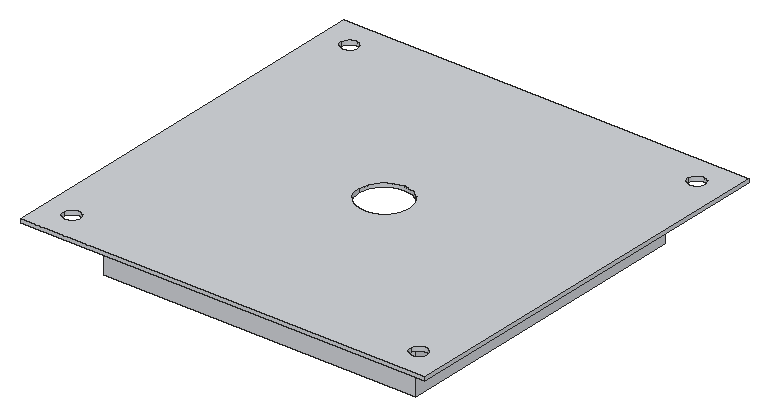
Revit family "MI-FVP", category Generic Models, host Face, Revit 2018
Family settings
  Host = Face
  Can host rebar = No
  Round Connector Dimension = Use Diameter
  Part Type = Normal
  Cut with Voids When Loaded = No
  Shared = No
  Room Calculation Point = No
Parameters (values of type "MI-FVP-1-12"x12"")
  Width = 1' - 0"
  URL = "WWW.MIFAB.COM"
  Model = "MI-FPV-1"
  Material = none
  Manufacturer = "MIFAB"
  Height = 1' - 0"
  Description = "FLUSH VALVE PANEL"
  Default Elevation = 4' - 0"
Types (3): name | Width | Model | Height
  (no name) | 1' - 0" | "MI-FPV-1" | 1' - 0"
  MI-FVP-1-12"x12" | 1' - 0" | "MI-FPV-1" | 1' - 0"
  MI-FVP-2-13"17" | 1' - 1" | "MI-FPV-2" | 1' - 5"
Reference planes (in)
  plane 1 "Center (Front/Back)": y = 0
  plane 2: z = 0
  plane 3 "Center (Left/Right)": x = 0
  plane 4: x = -4.5
  plane 5: x = 4.5
  plane 6: y = 4.5
  plane 7: y = -4.5
  plane 8: x = 6
  plane 9: x = -6
  plane 10: y = 6
  plane 11: y = -6
  plane 12: z = 0.31435
  plane 13 "2": z = -1.5
  plane 14: z = 0.10937
Forms (in)
  Extrusion 1, void
    sketch origin (0, 0, 0) x (1, 0, 0) y (0, 1, 0)
      loop
        line (-4.61648, 4.61648) -> (-4.61648, -4.61648) -> (4.61648, -4.61648) -> (4.61648, 4.61648) -> (-4.61648, 4.61648)
    from -1.5 to 0
  Sweep 2, solid, material <- "Material"
    path origin (0, 0, 0.07812) x (1, 0, 0) y (0, 1, 0)
      loop
        line (4.5, 4.5) -> (-4.5, 4.5) -> (-4.5, -4.5) -> (4.5, -4.5) -> (4.5, 4.5)
    profile origin (4.5, 0, 0.07812) x (1, 0, 0) y (0, 0, 1)
      loop
        line (0, -1.57812) -> (0.11648, -1.57812) -> (0.11648, -0.07813) -> (0, -0.07813) -> (0, -1.57812)
  Extrusion 3, solid
    sketch origin (0, 0, 0) x (1, 0, 0) y (0, 1, 0)
      loop
        line (-6, 6) -> (-6, -6) -> (6, -6) -> (6, 6) -> (-6, 6)
      loop
        circle (5.14969, 5.14969) r 0.25
      loop
        circle (-5.14969, 5.14969) r 0.25
      loop
        circle (5.14969, -5.14969) r 0.25
      loop
        circle (-5.14969, -5.14969) r 0.25
      loop
        circle (0, 0) r 0.75
    from 0 to 0.10937
Dimensions and locks (in)
  equal spacing: plane 11, plane 1 "Center (Front/Back)", plane 10
  "Height": plane 11 to plane 10
  equal spacing: plane 9, plane 3 "Center (Left/Right)", plane 8
  "Width": plane 9 to plane 8
  locked: plane 5 to plane 8 at 1.5
  locked: plane 9 to plane 4 at 1.5
  locked: plane 11 to plane 7 at 1.5
  locked: plane 10 to plane 6 at 1.5
  locked: plane 12 to profile plane at 0.23622
  locked: plane 2 to plane 13 "2" at 1.5
  plane 8 to plane 5 = 0' - 1 1/2"
  Sweep 2 sketch curve to Sweep 2 sketch curve to plane 8 = 0' - 0.11648" locked, 0' - 1.38352" locked
  aligned and locked: plane 2 to host face
  aligned and locked: level to host face
  aligned and locked: plane 2 to Extrusion 1
  aligned and locked: Extrusion 1 to Sweep 2
  aligned and locked: plane 13 "2" to Sweep 2 sketch curve
  aligned and locked: Extrusion 3 sketch curve to plane 10
  aligned and locked: Extrusion 3 sketch curve to plane 9
  aligned and locked: Extrusion 3 sketch curve to plane 11
  aligned and locked: Extrusion 3 sketch curve to plane 8
  aligned and locked: Extrusion 3 to level
  aligned and locked: plane 14 to Extrusion 3
  aligned and locked: plane 2 to Sweep 2 sketch curve
  aligned and locked: Extrusion 1 sketch curve to Sweep 2  (x4)
Automatic sketch dimensions
  host sketch curve to host sketch curve = 2' - 1.24039"
  host sketch curve to host sketch curve = 2' - 3.48775"
  Sweep 2 sketch curve to plane 6 = 0' - 0"
  plane 5 to Sweep 2 sketch curve = 0' - 0"
  plane 7 to Sweep 2 sketch curve = 0' - 0"
  plane 4 to Sweep 2 sketch curve = 0' - 0"
  plane 1 "Center (Front/Back)" to Extrusion 3 sketch curve = 0' - 0"
  Extrusion 3 sketch curve to plane 3 "Center (Left/Right)" = 0' - 0"
  Extrusion 3 sketch curve to plane 4 = 0' - 0.64969"  (x2)
  Extrusion 3 sketch curve to plane 5 = 0' - 0.64969"  (x2)
  plane 7 to Extrusion 3 sketch curve = 0' - 0.64969"  (x2)
  plane 6 to Extrusion 3 sketch curve = 0' - 0.64969"  (x2)
  radius of Extrusion 3 sketch curve = 0' - 0 1/4"  (x4)
  radius of Extrusion 3 sketch curve = 0' - 0 3/4"
